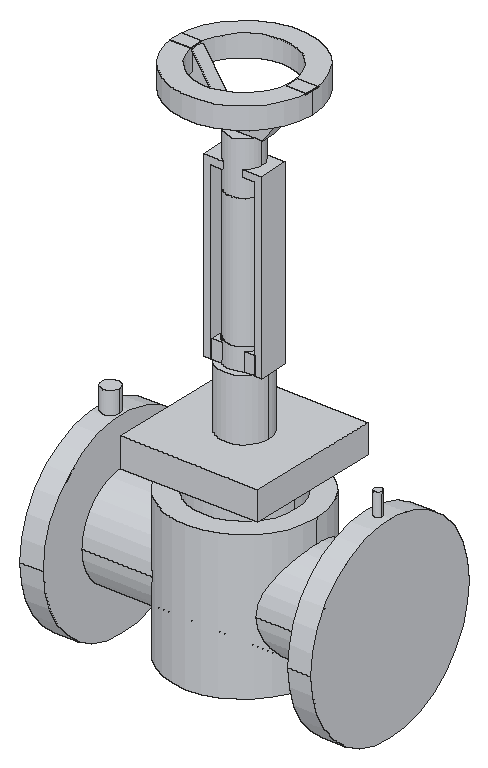
Revit family "Sigma_Compact_DN100-LF_PN16_RFA_2019", category Pipe Accessories, Revit 2019
Family settings
  Round Connector Dimension = Use Diameter
  Part Type = Valve - Breaks Into
  Work Plane-Based = No
  Always vertical = Yes
  Cut with Voids When Loaded = No
  Shared = No
Parameters (values of type "Sigma Compact DN 125 LF PN16")
  magiProductId = "72414964175c4f3999d5daaa67221e"
  magiProductFamilyId = "111bdfd32e424cd9a1e5f1ca7ea2b6"
  magiPartTypeId = 304
  isMeasuringValve [instance] = no
  ang2D [instance] = 0.00°
  W2D = 50 mm
  VersionID = "2.0/2018.12.13.2/FRESE_SIGMA_C_BIG_Q13_001"
  Use Minimum Symbol Size [instance] = no
  URL = "www.hydronix.cz"
  Type Comments = "přírubový; PN16; max dp=800kPa; 0~+120°C; max uzavírací tlak 1MPa"
  R4 = 70 mm
  R3 = 70.2 mm
  R1 = 100 mm
  QmdConnectorList = "301;D;302;D"
  Productdata [instance] = ""
  Manufacturer = "Hydronix"
  Maintenance Zone Under Depth [instance] = 100 mm
  Maintenance Zone Right Depth [instance] = 100 mm
  Maintenance Zone Over Depth [instance] = 100 mm
  Maintenance Zone Left Depth [instance] = 100 mm
  Maintenance Zone Front Depth [instance] = 100 mm
  Maintenance Zone Back Depth [instance] = 100 mm
  Maintenance Zone Front Visibility [instance] = no
  MC Use Limits From Balancing Method = no
  MC Throttling Minimum Value = 0
  MC Throttling Maximum Value = 0
  MC Product Code = "53-2404 DN125; PN16; (18500-110000 l/h); kvs=186"
  MC Pressure Drop Minimum Value = 0.0 Pa
  MC Pressure Drop Maximum Value = 0.0 Pa
  MC Piping Given Pressure Drop [instance] = 0.0 Pa
  LF__ve = -LF  # -32 mm
  LF2 = 16 mm
  LF = 32 mm
  L432 = 32.9 mm
  L43 = 65.8 mm
  L42 = 94 mm
  L4 = 188 mm
  L3 = 336 mm
  L2D_Min = 30.48 mm
  L2D = 230 mm
  L2 = 200 mm
  HH12 = 36.5 mm
  HH1 = 73 mm
  HDF__ve = -HDF  # -338 mm
  HDF = 338 mm
  H6 = 85 mm
  H4 = 40.5 mm
  H3 = 33.75 mm
  H2 = 101.25 mm
  H11 = 202.5 mm
  H1 = 761 mm
  H = 608 mm
  Description = "Automatický vyvažovací ventil"
  DF2 = 135 mm
  D = 125 mm
  Clearance Zone Height Depth [instance] = 100 mm
  Clearance Zone Circular Radius [instance] = 200 mm
  Clearance Zone Visibility [instance] = no
  CAT0 = yes
Types (9, lengths in mm): name | magiProductId | Type Comments | R4 | R3 | R1 | MC Product Code | LF__ve | LF2 | LF | L432 | L43 | L42 | L4 | L3 | L2 | HH12 | HH1 | HDF__ve | HDF | H4 | H3 | H2 | H11 | H1 | H | DF2 | D | Clearance Zone Circular Radius
  Sigma Compact DN 050 LF PN16 | "7ce002c265594233b83d195dc264f1" | "přírubový; PN16; max dp=800kPa; 0~+120°C; max uzavírací tlak 1MPa" | 40.25 | 42.9 | 57.5 | "53-2400 DN50; PN16; (2480-15000 l/h); kvs=34" | -18.4 | 9.2 | 18.4 | 18.917 | 37.835 | 54.05 | 108.1 | 193.2 | 115 | 16.5 | 33 | -202 | 202 | 24.75 | 20.625 | 61.875 | 123.75 | 480 | 367 | 82.5 | 50 | 115
  Sigma Compact DN 065 LF PN16 | "7b440009bc83499eb1c9a6fd3b4fee" | "přírubový; PN16; max dp=800kPa; 0~+120°C; max uzavírací tlak 1MPa" | 50.75 | 48.1 | 72.5 | "53-2401 DN65; PN16; (4380-25000 l/h); kvs=50" | -23.2 | 11.6 | 23.2 | 23.853 | 47.705 | 68.15 | 136.3 | 243.6 | 145 | 16.5 | 33 | -199 | 199 | 27.75 | 23.125 | 69.375 | 138.75 | 497 | 384 | 92.5 | 65 | 145
  Sigma Compact DN 080 LF PN16 | "c04670cd33374e61a046fccc79a79b" | "přírubový; PN16; max dp=800kPa; 0~+120°C; max uzavírací tlak 1MPa" | 54.25 | 52 | 77.5 | "53-2402 DN80; PN16; (5340-34000 l/h); kvs=68" | -24.8 | 12.4 | 24.8 | 25.497 | 50.995 | 72.85 | 145.7 | 260.4 | 155 | 16.5 | 33 | -213 | 213 | 30 | 25 | 75 | 150 | 526 | 413 | 100 | 80 | 155
  Sigma Compact DN 100 LF PN16 | "e9669c3b3cb042d39f52f9a3f8394b" | "přírubový; PN16; max dp=800kPa; 0~+120°C; max uzavírací tlak 1MPa" | 61.25 | 61.1 | 87.5 | "53-2403 DN100; PN16; (12100-68000 l/h); kvs=115" | -28 | 14 | 28 | 28.788 | 57.575 | 82.25 | 164.5 | 294 | 175 | 34 | 68 | -331 | 331 | 35.25 | 29.375 | 88.125 | 176.25 | 714 | 566 | 117.5 | 100 | 175
  Sigma Compact DN 125 LF PN16 | "72414964175c4f3999d5daaa67221e" | "přírubový; PN16; max dp=800kPa; 0~+120°C; max uzavírací tlak 1MPa" | 70 | 70.2 | 100 | "53-2404 DN125; PN16; (18500-110000 l/h); kvs=186" | -32 | 16 | 32 | 32.9 | 65.8 | 94 | 188 | 336 | 200 | 36.5 | 73 | -338 | 338 | 40.5 | 33.75 | 101.25 | 202.5 | 761 | 608 | 135 | 125 | 200
  Sigma Compact DN 150 LF PN16 | "cb5ac98de80a46389b4a96eb8539c2" | "přírubový; PN16; max dp=800kPa; 0~+110°C; max uzavírací tlak 1MPa" | 84 | 74.1 | 120 | "53-2405 DN150; PN16; (25600-148000 l/h); kvs=250" | -38.4 | 19.2 | 38.4 | 39.48 | 78.96 | 112.8 | 225.6 | 403.2 | 240 | 13 | 26 | -391 | 391 | 42.75 | 35.625 | 106.875 | 213.75 | 782 | 676 | 142.5 | 150 | 240
  Sigma Compact DN 200 LF PN16 | "bd9983fcf82240be8b5626661ef83b" | "přírubový; PN16; max dp=800kPa; 0~+110°C; max uzavírací tlak 1MPa" | 105 | 98.8 | 150 | "53-2406 DN200; PN16; (95000-210000 l/h); kvs=371" | -48 | 24 | 48 | 49.35 | 98.7 | 141 | 282 | 504 | 300 | 29.5 | 59 | -334 | 334 | 57 | 47.5 | 142.5 | 285 | 853 | 714 | 190 | 200 | 300
  Sigma Compact DN 250 LF PN16 | "6516628c9ce0481f89e5702e575104" | "přírubový; PN16; max dp=800kPa; 0~+110°C; max uzavírací tlak 1MPa" | 127.75 | 115.44 | 182.5 | "53-2407 DN250; PN16; (190000-475000 l/h); kvs=803" | -58.4 | 29.2 | 58.4 | 60.042 | 120.085 | 171.55 | 343.1 | 613.2 | 365 | 29 | 58 | -462 | 462 | 66.6 | 55.5 | 166.5 | 333 | 1044 | 906 | 222 | 250 | 365
  Sigma Compact DN 300 LF PN16 | "f16ecb3a8ad443e99405ecd1e4779a" | "přírubový; PN16; max dp=800kPa; 0~+110°C; max uzavírací tlak 1MPa" | 148.75 | 135.2 | 212.5 | "53-2408 DN300; PN16; (190000-475000 l/h); kvs=803" | -68 | 34 | 68 | 69.912 | 139.825 | 199.75 | 399.5 | 714 | 425 | 29 | 58 | -424 | 424 | 78 | 65 | 195 | 390 | 1082 | 944 | 260 | 300 | 425
Reference planes
  plane 1 "Center (Front/Back)": y = 0
  plane 2 "XYPLANE": z = 0
  plane 3 "Center (Left/Right)": x = 0
  plane 4 "298": y = -235
  plane 5 "297": y = 235
  plane 6 "296": y = -135
  plane 7 "295": y = 135
  plane 8 "294": z = -235
  plane 9 "293": z = 726
  plane 10 "292": x = -300
  plane 11 "291": x = 300
  plane 12 "290": z = 726
  plane 13 "256": y = -20
  plane 14 "254": z = 499.5
  plane 15 "253": z = 509.5
  plane 16 "252": x = -40
  plane 17 "251": x = -30
  plane 18 "250": x = 40
  plane 19 "249": x = 30
  plane 20 "247": z = 260.5
  plane 21 "244": z = 473
  plane 22 "243": x = 94
  plane 23 "242": x = 65.8
  plane 24 "241": x = 32.9
  plane 25 "240": y = -10
  plane 26 "238": x = -32.9
  plane 27 "237": x = -65.8
  plane 28 "236": z = 546
  plane 29 "235": z = 576
  plane 30 "234": x = -94
  plane 31 "225": z = 626
  plane 32 "224": z = -135
  plane 33 "157": x = 184
  plane 34 "156": x = -184
  plane 35 "155": z = 135
  plane 36 "154": z = 175.5
  plane 37 "153": z = 135
  plane 38 "152": z = 101.25
  plane 39 "151": x = -168
  plane 40 "150": z = -101.25
  plane 41 "149": x = 0
  plane 42 "148": y = 0
  plane 43 "147": z = 0
  plane 44 "146": x = -200
  plane 45 "145": x = 200
Forms (mm)
  Blend 1, solid, visible <- "Maintenance Zone Front Visibility"
    base sketch origin (-750, 0, 726) x (1, 0, 0) y (0, 1, 0)
      loop
        line (450, 235) -> (450, -235) -> (1050, -235) -> (1050, 235) -> (450, 235)
    top sketch origin (-750, 0, 726) x (1, 0, 0) y (0, 1, 0)
      loop
        line (450, 235) -> (450, -235) -> (1050, -235) -> (1050, 235) -> (450, 235)
    from 0 to -961
  Blend 2, solid, visible <- "Clearance Zone Visibility"
    base sketch origin (-750, 0, 0) x (1, 0, 0) y (0, 1, 0)
      loop
        circle (750, 0) r 200
    top sketch origin (-750, 0, 0) x (1, 0, 0) y (0, 1, 0)
      loop
        circle (750, 0) r 200
    from 0 to 726
  Extrusion 3, solid
    sketch origin (-750, 0, 473) x (1, 0, 0) y (0, 1, 0)
      loop
        circle (750, 0) r 23.982
    from 0 to -338 <- "HDF__ve"
  Extrusion 4, solid
    sketch origin (-750, 0, 260.5) x (1, 0, 0) y (0, 1, 0)
      loop
        line (780, 20) -> (720, 20) -> (720, -20) -> (780, -20) -> (780, 20)
    from 0 to 25
  Extrusion 5, solid
    sketch origin (750, -20, 0) x (-1, 0, 0) y (0, 0, 1)
      loop
        line (790, 260.5) -> (790, 509.5) -> (710, 509.5) -> (710, 260.5) -> (720, 260.5) -> (720, 499.5) -> (780, 499.5) -> (780, 260.5) -> (790, 260.5)
    from 0 to 40
  Extrusion 6, solid
    sketch origin (-750, 0, 260.5) x (1, 0, 0) y (0, 1, 0)
      loop
        circle (750, 0) r 25
    from 0 to 30
  Extrusion 7, solid
    sketch origin (750, -10, 0) x (-1, 0, 0) y (0, 0, 1)
      loop
        line (815.8, 626) -> (782.9, 576) -> (750, 576) -> (750, 546) -> (782.9, 546) -> (844, 626) -> (815.8, 626)
    from 0 to 20
  Extrusion 8, solid
    sketch origin (750, -10, 0) x (-1, 0, 0) y (0, 0, 1)
      loop
        line (684.2, 626) -> (656, 626) -> (717.1, 546) -> (750, 546) -> (750, 576) -> (717.1, 576) -> (684.2, 626)
    from 0 to 20
  Extrusion 9, solid
    sketch origin (-750, 0, 473) x (1, 0, 0) y (0, 1, 0)
      loop
        circle (750, 0) r 23.982
    from 0 to 73 <- "HH1"
  Extrusion 10, solid
    sketch origin (-750, 0, 626) x (1, 0, 0) y (0, 1, 0)
      loop
        circle (750, 0) r 94
      loop
        circle (750, 0) r 65.8
    from 0 to -30
  Extrusion 11, solid, visible <- "CAT0"
    sketch origin (-750, 0, 135) x (1, 0, 0) y (0, 1, 0)
      loop
        circle (934, 0) r 5.5
    from 0 to 30
  Extrusion 12, solid, visible <- "CAT0"
    sketch origin (-750, 0, 135) x (1, 0, 0) y (0, 1, 0)
      loop
        circle (566, 0) r 12.3
    from 0 to 30
  Extrusion 13, solid, visible <- "CAT0"
    sketch origin (-750, 0, 175.5) x (1, 0, 0) y (0, 1, 0)
      loop
        circle (750, 0) r 33.982
    from 0 to 85 <- "H6"
  Extrusion 14, solid, visible <- "CAT0"
    sketch origin (-750, 0, 135) x (1, 0, 0) y (0, 1, 0)
      loop
        line (844, 94) -> (656, 94) -> (656, -94) -> (844, -94) -> (844, 94)
    from 0 to 40.5 <- "H4"
  Extrusion 15, solid, visible <- "CAT0"
    sketch origin (-750, 0, 101.25) x (1, 0, 0) y (0, 1, 0)
      loop
        circle (750, 0) r 70
    from 0 to 33.75 <- "H3"
  Extrusion 16, solid, visible <- "CAT0"
    sketch origin (-168, -750, 0) x (0, 1, 0) y (0, 0, 1)
      loop
        circle (750, 0) r 70.2
    from 0 to 336 <- "L3"
  Extrusion 17, solid, visible <- "CAT0"
    sketch origin (-750, 0, -101.25) x (1, 0, 0) y (0, 1, 0)
      loop
        circle (750, 0) r 100
    from 0 to 202.5 <- "H11"
  Extrusion 18, solid, visible <- "CAT0"
    sketch origin (-200, -750, 0) x (0, 1, 0) y (0, 0, 1)
      loop
        circle (750, 0) r 135
    from 0 to 32 <- "LF"
  Extrusion 19, solid, visible <- "CAT0"
    sketch origin (200, -750, 0) x (0, 1, 0) y (0, 0, 1)
      loop
        circle (750, 0) r 135
    from 0 to -32 <- "LF__ve"
  Extrusion 20, solid, not visible
    sketch origin (-200, -750, 0) x (0, 1, 0) y (0, 0, 1)
      loop
        circle (750, 0) r 10
    from 0 to 10
  Extrusion 21, solid, not visible
    sketch origin (200, -750, 0) x (0, 1, 0) y (0, 0, 1)
      loop
        circle (750, 0) r 10
    from 0 to -10
Lines and regions (mm)
  reference lines, not visible
    curve 1: circle (2, 2, 0) r 1 normal (0, 0, 1)
  reference lines
    curve 2: circle (0, 0, 135) r 1 normal (0, 0, 1)
Dimensions and locks
  plane 1 "Center (Front/Back)" to curve 1 = 2 mm
  "Maintenance Zone Front Depth": plane 6 "296" to plane 4 "298"
  "Maintenance Zone Back Depth": plane 7 "295" to plane 5 "297"
  "DF2": plane 42 "148" to plane 6 "296"
  "DF2": plane 42 "148" to plane 7 "295"
  "Maintenance Zone Under Depth": plane 32 "224" to plane 8 "294"
  "Maintenance Zone Over Depth": plane 31 "225" to plane 9 "293"
  "Maintenance Zone Left Depth": plane 44 "146" to plane 10 "292"
  "Maintenance Zone Right Depth": plane 45 "145" to plane 11 "291"
  "Clearance Zone Height Depth": plane 31 "225" to plane 12 "290"
  locked: plane 25 "240" to plane 13 "256" at 10
  locked: plane 15 "253" to plane 14 "254" at 10
  "HH12": plane 21 "244" to plane 15 "253"
  locked: plane 17 "251" to plane 16 "252" at 10
  locked: plane 41 "149" to plane 17 "251" at 30
  locked: plane 19 "249" to plane 18 "250" at 10
  locked: plane 41 "149" to plane 19 "249" at 30
  "H6": plane 36 "154" to plane 20 "247"
  "H": plane 32 "224" to plane 21 "244"
  "L42": plane 41 "149" to plane 22 "243"
  "L43": plane 41 "149" to plane 23 "242"
  "L432": plane 41 "149" to plane 24 "241"
  locked: plane 42 "148" to plane 25 "240" at 10
  "L432": plane 41 "149" to plane 26 "238"
  "L43": plane 41 "149" to plane 27 "237"
  locked: plane 29 "235" to plane 28 "236" at 30
  locked: plane 31 "225" to plane 29 "235" at 50
  "L42": plane 41 "149" to plane 30 "234"
  "H1": plane 32 "224" to plane 31 "225"
  "DF2": plane 2 "XYPLANE" to plane 32 "224"
  "LF2": plane 45 "145" to plane 33 "157"
  "LF2": plane 44 "146" to plane 34 "156"
  "DF2": plane 2 "XYPLANE" to plane 35 "155"
  "H4": plane 37 "153" to plane 36 "154"
  "H3": plane 38 "152" to plane 37 "153"
  "H11": plane 40 "150" to plane 38 "152"
  "LF": plane 44 "146" to plane 39 "151"
  "H2": plane 2 "XYPLANE" to plane 40 "150"
  locked: plane 3 "Center (Left/Right)" to plane 41 "149"
  locked: plane 1 "Center (Front/Back)" to plane 42 "148"
  locked: plane 2 "XYPLANE" to plane 43 "147"
  "L2": plane 3 "Center (Left/Right)" to plane 44 "146"
  "L2": plane 3 "Center (Left/Right)" to plane 45 "145"
  Blend 1 sketch curve to Blend 1 sketch curve = 0 mm  (x16)
  Extrusion 4 sketch curve to Extrusion 4 sketch curve = 0 mm  (x8)
  Extrusion 5 sketch curve to Extrusion 5 sketch curve = 0 mm  (x16)
  Extrusion 7 sketch curve to Extrusion 7 sketch curve = 0 mm  (x12)
  Extrusion 8 sketch curve to Extrusion 8 sketch curve = 0 mm  (x12)
  equal spacing: Extrusion 14 sketch curve, curve 2, Extrusion 14 sketch curve  (x2)
  "L4": Extrusion 14 sketch curve to Extrusion 14 sketch curve  (x2)
  Extrusion 14 sketch curve to Extrusion 14 sketch curve = 0 mm  (x8)
  "Clearance Zone Circular Radius": radius of Blend 2 sketch curve  (x2)
  "L42": radius of Extrusion 10 sketch curve
  "L43": radius of Extrusion 10 sketch curve
  "R4": radius of Extrusion 15 sketch curve
  "R3": radius of Extrusion 16 sketch curve
  "R1": radius of Extrusion 17 sketch curve
  "DF2": radius of Extrusion 18 sketch curve
  "DF2": radius of Extrusion 19 sketch curve
  aligned and locked: level to plane 2 "XYPLANE"
  aligned and locked: Blend 1 sketch curve to plane 5 "297"  (x2)
  aligned and locked: plane 10 "292" to Blend 1 sketch curve  (x4)
  aligned and locked: plane 11 "291" to Blend 1 sketch curve  (x4)
  aligned and locked: plane 5 "297" to Blend 1 sketch curve  (x2)
  aligned and locked: plane 4 "298" to Blend 1 sketch curve  (x4)
  aligned and locked: Blend 1 to plane 8 "294"
  aligned and locked: plane 41 "149" to Blend 2 sketch curve  (x2)
  aligned and locked: plane 42 "148" to Blend 2 sketch curve  (x2)
  aligned and locked: plane 12 "290" to Blend 2
  aligned and locked: plane 41 "149" to Extrusion 3 sketch curve
  aligned and locked: plane 42 "148" to Extrusion 3 sketch curve
  aligned and locked: Extrusion 5 sketch curve to plane 16 "252"
  aligned and locked: plane 20 "247" to Extrusion 5 sketch curve  (x4)
  aligned and locked: plane 15 "253" to Extrusion 5 sketch curve  (x2)
  aligned and locked: plane 16 "252" to Extrusion 5 sketch curve
  aligned and locked: plane 18 "250" to Extrusion 5 sketch curve  (x2)
  aligned and locked: plane 19 "249" to Extrusion 5 sketch curve  (x2)
  aligned and locked: plane 14 "254" to Extrusion 5 sketch curve  (x2)
  aligned and locked: plane 17 "251" to Extrusion 5 sketch curve  (x2)
  aligned and locked: plane 41 "149" to Extrusion 6 sketch curve
  aligned and locked: plane 42 "148" to Extrusion 6 sketch curve
  aligned and locked: plane 27 "237" to Extrusion 7 sketch curve
  aligned and locked: plane 31 "225" to Extrusion 7 sketch curve  (x2)
  aligned and locked: plane 26 "238" to Extrusion 7 sketch curve  (x2)
  aligned and locked: plane 29 "235" to Extrusion 7 sketch curve  (x2)
  aligned and locked: plane 41 "149" to Extrusion 7 sketch curve  (x2)
  aligned and locked: plane 28 "236" to Extrusion 7 sketch curve  (x2)
  aligned and locked: plane 30 "234" to Extrusion 7 sketch curve
  aligned and locked: plane 23 "242" to Extrusion 8 sketch curve
  aligned and locked: plane 31 "225" to Extrusion 8 sketch curve  (x2)
  aligned and locked: plane 24 "241" to Extrusion 8 sketch curve  (x2)
  aligned and locked: plane 29 "235" to Extrusion 8 sketch curve  (x2)
  aligned and locked: plane 41 "149" to Extrusion 8 sketch curve  (x2)
  aligned and locked: plane 28 "236" to Extrusion 8 sketch curve  (x2)
  aligned and locked: plane 22 "243" to Extrusion 8 sketch curve
  aligned and locked: plane 41 "149" to Extrusion 9 sketch curve
  aligned and locked: plane 42 "148" to Extrusion 9 sketch curve
  aligned and locked: plane 41 "149" to Extrusion 10 sketch curve  (x2)
  aligned and locked: plane 42 "148" to Extrusion 10 sketch curve  (x2)
  aligned and locked: plane 33 "157" to Extrusion 11 sketch curve
  aligned and locked: plane 42 "148" to Extrusion 11 sketch curve
  aligned and locked: plane 34 "156" to Extrusion 12 sketch curve
  aligned and locked: plane 42 "148" to Extrusion 12 sketch curve
  aligned and locked: plane 41 "149" to Extrusion 13 sketch curve
  aligned and locked: plane 42 "148" to Extrusion 13 sketch curve
  aligned and locked: plane 41 "149" to curve 2
  aligned and locked: plane 42 "148" to curve 2
  aligned and locked: plane 41 "149" to Extrusion 15 sketch curve
  aligned and locked: plane 42 "148" to Extrusion 15 sketch curve
  aligned and locked: Extrusion 16 sketch curve to plane 42 "148"
  aligned and locked: plane 43 "147" to Extrusion 16 sketch curve
  aligned and locked: plane 41 "149" to Extrusion 17 sketch curve
  aligned and locked: plane 42 "148" to Extrusion 17 sketch curve
  aligned and locked: Extrusion 18 sketch curve to plane 42 "148"
  aligned and locked: plane 43 "147" to Extrusion 18 sketch curve
  aligned and locked: Extrusion 19 sketch curve to plane 42 "148"
  aligned and locked: plane 43 "147" to Extrusion 19 sketch curve
  aligned and locked: Extrusion 20 sketch curve to plane 42 "148"
  aligned and locked: plane 43 "147" to Extrusion 20 sketch curve
  aligned and locked: Extrusion 21 sketch curve to plane 42 "148"
  aligned and locked: plane 43 "147" to Extrusion 21 sketch curve
Automatic sketch dimensions
  plane 26 "238" to Extrusion 3 sketch curve = 8.917 mm
  Extrusion 4 sketch curve to plane 17 "251" = 0 mm
  Extrusion 4 sketch curve to plane 13 "256" = 0 mm
  Extrusion 4 sketch curve to plane 19 "249" = 0 mm
  Extrusion 4 sketch curve to plane 1 "Center (Front/Back)" = 20 mm
  plane 17 "251" to Extrusion 6 sketch curve = 5 mm
  plane 26 "238" to Extrusion 9 sketch curve = 8.917 mm
  Extrusion 11 sketch curve to plane 33 "157" = 5.5 mm
  plane 44 "146" to Extrusion 12 sketch curve = 3.7 mm
  Extrusion 13 sketch curve to plane 26 "238" = 1.083 mm
  Extrusion 20 sketch curve to plane 25 "240" = 0 mm
  Extrusion 21 sketch curve to plane 25 "240" = 0 mm
  plane 3 "Center (Left/Right)" to curve 1 = 2 mm
  Extrusion 14 sketch curve to plane 30 "234" = 0 mm
  plane 6 "296" to Extrusion 14 sketch curve = 41 mm
  radius of curve 2 = 1 mm
  radius of curve 1 = 1 mm
Connectors
  piping at (-200, 0, 0), diameter 125, driven by "D"
    settings: on Extrusion 20, index 1, connector inside diameter 609.6 mm, connector length 0 mm, flow factor 0, pipe flow 0.0 L/s, pressure drop 0.0 Pa, fitting loss kfactor 0, connector angle 0.00°, fixture units 0, engagement length 0 mm, angle of deflection 0.00°, flow configuration 0, flow direction 0, fitting loss method 0, system type 29, joint type 0, gender type 0, connector reference index 2, connector utility 0, adjustable connector no, is connector primary yes, connector description ""
  piping at (200, 0, 0), diameter 125, driven by "D"
    settings: on Extrusion 21, index 2, connector inside diameter 609.6 mm, connector length 0 mm, flow factor 0, pipe flow 0.0 L/s, pressure drop 0.0 Pa, fitting loss kfactor 0, connector angle 0.00°, fixture units 0, engagement length 0 mm, angle of deflection 0.00°, flow configuration 0, flow direction 0, fitting loss method 0, system type 29, joint type 0, gender type 0, connector reference index 1, connector utility 0, adjustable connector no, is connector primary no, connector description ""
